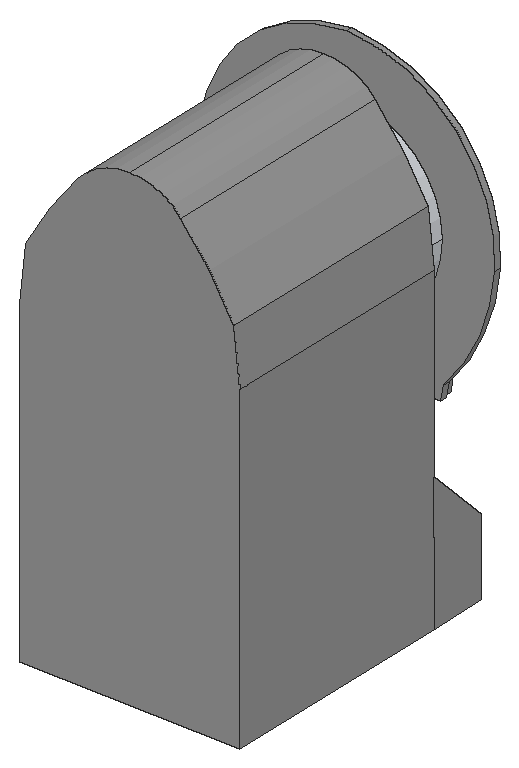
Revit family "Bariatric_Toilet-Willoughby-BETWS-1490-FM-FA-BS", category Plumbing Fixtures, Revit 2015
Parameters (values of type "Standard")
  Waste DIA = 2 3/8"
  Waste Connection = yes
  Vent Connection = no
  URL = "https://www.willoughby-ind.com/wp-content/uploads/2018/01/BETWS-1490-FM-FA.pdf"
  Type Comments = ""
  Revision = "A"
  Model = "BETWS-1490-FM-FA-BS"
  Manufacturer = "Willoughby Industries"
  HW Connection = no
  Flush Inlet DIA = 1 1/2"
  Flush Inlet Connection = yes
  Fixture Body = Stainless Steel AISI 304-Willoughby
  Description = "Front Access, Wall Outlet, Siphon Jet Bariatric Toilet, Back Spud"
  Default Elevation = 0' - 0"
  Contact = "(800) 428-4065"
  CW Connection = no
Reference planes (in)
  plane 1 "Center (Front/Back)Floor": y = 0
  plane 2: z = 0
  plane 3 "Center (Left/Right)": x = 0
  plane 4 "Toilet Base HGT": y = 15.75
  plane 5 "Top Of Unit": y = 19.625
  plane 6: x = 7.125
  plane 7: x = -7.125
  plane 8: z = 20.875
  plane 9: z = 31
  plane 10: z = 31.5
  plane 11: z = 24.75
  plane 12: z = 29.375
  plane 13: x = 2
  plane 14: x = -2
  plane 15: z = 9
  plane 16: z = 5
  plane 17: z = 21.5
  plane 18: z = 27.6875
  plane 19: z = 13.125
  plane 20: x = 9.625
  plane 21: x = -9.625
  plane 22 "Waste HGT": y = 6.25
  plane 23: y = 16.5
Forms (in)
  Extrusion 1, solid, material "Stainless Steel AISI 304-Willoughby" <- "Fixture Body"
    sketch origin (0, 0, 0) x (1, 0, 0) y (0, 0, 1)
      loop
        line (7.125, 0) -> (7.125, 20.875)
        arc (7.125, 20.875) -> (7.03428, 22.67805) -> (6.76304, 24.46289) r 17.96324
        arc (6.76304, 24.46289) -> (5.19007, 27.08) -> (3.33041, 29.50181) r 26.87644
        arc (3.33041, 29.50181) -> (1.83129, 30.62012) -> (0, 31) r 4.32008
        arc (0, 31) -> (-1.83129, 30.62012) -> (-3.33041, 29.50181) r 4.32008
        arc (-3.33041, 29.50181) -> (-5.19007, 27.08) -> (-6.76304, 24.46289) r 26.87644
        arc (-6.76304, 24.46289) -> (-7.03428, 22.67805) -> (-7.125, 20.875) r 17.96324
        line (-7.125, 20.875) -> (-7.125, 0) -> (7.125, 0)
    from 0 to -15.75
  Extrusion 2, solid, material "Stainless Steel AISI 304-Willoughby" <- "Fixture Body"
    sketch origin (0, 0, 0) x (0, 1, 0) y (0, 0, 1)
      loop
        line (15.75, 8.875) -> (15.75, 0) -> (19.625, 0) -> (19.625, 5) -> (15.75, 8.875)
    from -7.125 to 7.125
  Extrusion 3, solid
    sketch origin (0, 15.75, 0) x (-1, 0, 0) y (0, 0, 1)
      loop
        circle (0, 21.5) r 6.1875
    from 0 to 1.875
  Extrusion 4, solid, material "Stainless Steel AISI 304-Willoughby" <- "Fixture Body"
    sketch origin (0, 15.75, 0) x (-1, 0, 0) y (0, 0, 1)
      loop
        line (-4.75, 12.125) -> (-4.75, 12.625) -> (4.75, 12.625) -> (4.75, 12.125) -> (6.125, 12.125) -> (6.30133, 13.125)
        arc (6.30133, 13.125) -> (8.61843, 16.71898) -> (9.625, 20.875) r 12.82342
        arc (9.625, 20.875) -> (7.07791, 28.23969) -> (0, 31.5) r 9.93325
        arc (0, 31.5) -> (-7.07791, 28.23969) -> (-9.625, 20.875) r 9.93325
        arc (-9.625, 20.875) -> (-8.61843, 16.71898) -> (-6.30133, 13.125) r 12.82342
        line (-6.30133, 13.125) -> (-6.125, 12.125) -> (-4.75, 12.125)
    from 1.875 to 2.25
  Blend 5, solid, material "Stainless Steel AISI 304-Willoughby" <- "Fixture Body"
    base sketch origin (0, 15.75, 0) x (-1, 0, 0) y (0, 0, 1)
      loop
        line (-4.60785, 12.15929) -> (-4.60785, 12.40929) -> (4.64215, 12.40929) -> (4.64215, 12.15929) -> (5.98395, 12.15929) -> (6.22068, 14.59691)
        arc (6.22068, 14.59691) -> (8.11105, 18.09183) -> (8.6336, 22.03074) r 10.97859
        arc (8.6336, 22.03074) -> (5.98369, 28.04088) -> (0, 30.75) r 9.19603
        arc (0, 30.75) -> (-5.98369, 28.04088) -> (-8.6336, 22.03074) r 9.19603
        arc (-8.6336, 22.03074) -> (-8.11105, 18.09183) -> (-6.22068, 14.59691) r 10.97859
        line (-6.22068, 14.59691) -> (-5.98395, 12.15929) -> (-4.60785, 12.15929)
    top sketch origin (0, 15.75, 0) x (-1, 0, 0) y (0, 0, 1)
      loop
        arc (6.22944, 13.99176) -> (8.35674, 17.14799) -> (9.12911, 20.875) r 9.85348
        arc (9.12911, 20.875) -> (6.86364, 28.01045) -> (0, 31) r 9.05259
        arc (0, 31) -> (-6.86364, 28.01045) -> (-9.12911, 20.875) r 9.05259
        arc (-9.12911, 20.875) -> (-8.34629, 17.12327) -> (-6.19132, 13.954) r 9.85348
        line (-6.19132, 13.954) -> (-6.01467, 12.135) -> (-4.5826, 12.135) -> (-4.5826, 12.385) -> (4.63006, 12.385) -> (4.63006, 12.125) -> (5.99156, 12.125) -> (6.22944, 13.99176)
    from 2.875 to 2.25
  Revolve 6, solid
    sketch origin (0, 6.25, 0) x (0, 0, -1) y (-1, 0, 0)
      loop
        line (0, 0) -> (0, 1.1875) -> (-2.25, 1.1875) -> (-2.25, 0) -> (0, 0)
      axis (-2.25, 0) -> (0, 0)
    angle from 0 to 360
  Revolve 7, solid, material "Stainless Steel AISI 304-Willoughby" <- "Fixture Body"
    sketch origin (0, 0, 0) x (0, 1, 0) y (0, 0, 1)
      loop
        line (16.5, 0) -> (16.5, 2.25) -> (15.75, 2.25) -> (15.75, 0) -> (16.5, 0)
      axis (16.5, 2.25) -> (16.5, 0)
    angle from 0 to 360
Lines and regions (in)
  symbolic lines
    curve 1: line (0, 15.75, 8.875) -> (0, 15.75, 31)
    curve 2: line (0, 15.75, 31) -> (0, 0, 31)
    curve 3: line (0, 0, 31) -> (0, 0, 0)
    curve 4: line (0, 0, 0) -> (0, 15.75, 0)
    curve 11: line (0, 18, 12.125) -> (0, 17.625, 12.125)
    curve 16: line (0, 15.75, 8.875) -> (0, 19.625, 5)
    curve 17: line (0, 19.625, 5) -> (0, 19.625, 0)
    curve 18: line (0, 19.625, 0) -> (0, 15.75, 0)
    curve 19: line (7.125, 19.625, -0.25) -> (7.125, 19.625, 14.12365)
    curve 20: arc (7.125, 19.625, 14.12365) -> (8.85852, 19.625, 17.32028) -> (9.625, 19.625, 20.875) r 12.82342
    curve 21: arc (9.625, 19.625, 20.875) -> (9.10381, 19.625, 24.81755) -> (7.07791, 19.625, 28.23969) r 9.93325
    curve 22: arc (7.07791, 19.625, 28.23969) -> (3.87202, 19.625, 30.5929) -> (0, 19.625, 31.5) r 9.93325
    curve 23: arc (0, 19.625, 31.5) -> (-3.87202, 19.625, 30.5929) -> (-7.07791, 19.625, 28.23969) r 9.93325
    curve 24: arc (-7.07791, 19.625, 28.23969) -> (-9.10381, 19.625, 24.81755) -> (-9.625, 19.625, 20.875) r 9.93325
    curve 25: arc (-9.625, 19.625, 20.875) -> (-8.85852, 19.625, 17.32028) -> (-7.125, 19.625, 14.12365) r 12.82342
    curve 26: line (-7.125, 19.625, 14.12365) -> (-7.125, 19.625, 0)
    curve 27: line (-7.125, 19.625, 0) -> (7.125, 19.625, 0)
    curve 51: line (7.125, 19.625, 0) -> (-7.125, 19.625, 0)
    curve 52: line (-7.125, 19.625, 0) -> (-7.125, 0, 0)
    curve 53: line (-7.125, 0, 0) -> (7.125, 0, 0)
    curve 54: line (7.125, 0, 0) -> (7.125, 19.625, 0)
    curve 55: line (-6.76304, 15.75, 0) -> (-6.76304, 0, 0)
    curve 56: line (-7.125, 15.75, 0) -> (7.125, 15.75, 0)
    curve 57: line (6.1875, 17.625, 0) -> (6.1875, 15.75, 0)
    curve 58: line (-6.17726, 15.75, 0) -> (-6.17726, 17.625, 0)
    curve 59: line (-6.17726, 17.625, 0) -> (6.1875, 17.625, 0)
    curve 69: line (6.76304, 15.75, 0) -> (6.76304, 0, 0)
  symbolic lines, detail levels medium+fine
    curve 5: line (0, 15.75, 15.375) -> (0, 17.625, 15.375)
    curve 6: line (0, 17.625, 15.375) -> (0, 17.625, 27.6875)
    curve 7: line (0, 17.625, 27.6875) -> (0, 15.75, 27.6875)
    curve 8: line (0, 17.625, 27.6875) -> (0, 17.625, 31.5)
    curve 9: line (0, 17.625, 31.5) -> (0, 18, 31.5)
    curve 10: line (0, 18, 31.5) -> (0, 18, 12.125)
    curve 12: line (0, 17.625, 12.125) -> (0, 17.625, 15.375)
    curve 13: line (0, 18, 12.125) -> (0, 18.625, 12.15929)
    curve 14: line (0, 18.625, 12.15929) -> (0, 18.625, 30.75)
    curve 15: line (0, 18.625, 30.75) -> (0, 18, 31)
    curve 28: line (-7.125, 19.625, 5) -> (7.125, 19.625, 5)
    curve 29: line (-7.125, 19.625, 8.875) -> (7.125, 19.625, 8.875)
    curve 30: line (-7.125, 19.625, 14.12365) -> (-6.30133, 19.625, 13.125)
    curve 31: line (-6.30133, 19.625, 13.125) -> (-6.125, 19.625, 12.125)
    curve 32: line (-6.125, 19.625, 12.125) -> (-4.75, 19.625, 12.125)
    curve 33: line (-4.75, 19.625, 12.125) -> (-4.75, 19.625, 12.625)
    curve 34: line (-4.75, 19.625, 12.625) -> (4.75, 19.625, 12.625)
    curve 35: line (4.75, 19.625, 12.625) -> (4.75, 19.625, 12.125)
    curve 36: line (4.75, 19.625, 12.125) -> (6.125, 19.625, 12.125)
    curve 37: line (6.125, 19.625, 12.125) -> (6.30133, 19.625, 13.125)
    curve 38: arc (6.30133, 19.625, 13.125) -> (6.72577, 19.625, 13.61393) -> (7.125, 19.625, 14.12365) r 12.82342
    curve 50: line (0, 17.625, 12.125) -> (0, 18, 12.125)
    curve 60: line (-6.17726, 17.625, 0) -> (-9.6494, 17.625, 0)
    curve 61: line (-9.6494, 17.625, 0) -> (-9.6494, 18, 0)
    curve 62: line (-9.6494, 18, 0) -> (-9.12911, 18, 0)
    curve 63: line (-9.12911, 18, 0) -> (-8.6336, 18.625, 0)
    curve 64: line (-8.6336, 18.625, 0) -> (8.64736, 18.625, 0)
    curve 65: line (8.64736, 18.625, 0) -> (9.14287, 18, 0)
    curve 66: line (9.14287, 18, 0) -> (9.6494, 18, 0)
    curve 67: line (9.6494, 18, 0) -> (9.6494, 17.625, 0)
    curve 68: line (6.1875, 17.625, 0) -> (9.6494, 17.625, 0)
  symbolic lines, detail levels fine
    curve 39: line (-6.22068, 19.625, 14.59691) -> (-5.98395, 19.625, 12.15929)
    curve 40: line (-5.98395, 19.625, 12.15929) -> (-4.64215, 19.625, 12.15929)
    curve 41: line (-4.64215, 19.625, 12.15929) -> (-4.64215, 19.625, 12.385)
    curve 42: line (-4.64215, 19.625, 12.385) -> (4.60785, 19.625, 12.385)
    curve 43: line (4.60785, 19.625, 12.385) -> (4.60785, 19.625, 12.15929)
    curve 44: line (4.60785, 19.625, 12.15929) -> (5.98395, 19.625, 12.15929)
    curve 45: line (5.98395, 19.625, 12.15929) -> (6.22068, 19.625, 14.59691)
    curve 46: arc (6.22068, 19.625, 14.59691) -> (7.91817, 19.625, 17.54689) -> (8.63061, 19.625, 20.875) r 10.97859
    curve 47: arc (8.63061, 19.625, 20.875) -> (6.37958, 19.625, 27.61664) -> (0, 19.625, 30.75) r 9.21317
    curve 48: arc (0, 19.625, 30.75) -> (-6.36999, 19.625, 27.60827) -> (-8.63061, 19.625, 20.875) r 9.24339
    curve 49: arc (-8.63061, 19.625, 20.875) -> (-7.89379, 19.625, 17.55625) -> (-6.22068, 19.625, 14.59691) r 11.52349
Dimensions and locks (in)
  plane 9 to level = 2' - 7"
  plane 1 "Center (Front/Back)Floor" to plane 4 "Toilet Base HGT" = 1' - 3 3/4"
  plane 1 "Center (Front/Back)Floor" to plane 5 "Top Of Unit" = 1' - 7 5/8"
  plane 7 to plane 6 = 1' - 2 1/4"
  plane 10 to level = 2' - 7 1/2"
  plane 4 "Toilet Base HGT" to plane 1 "Center (Front/Back)Floor" = 1' - 3 3/4"
  aligned and locked: Extrusion 1 to plane 7
  aligned and locked: Extrusion 1 to level
  aligned and locked: Extrusion 2 to plane 4 "Toilet Base HGT"
  aligned and locked: plane 5 "Top Of Unit" to Extrusion 2
  aligned and locked: Extrusion 2 to level
  aligned and locked: Revolve 6 sketch curve to Revolve 6 sketch curve  (x2)
  aligned and locked: plane 6 to Extrusion 2
  aligned and locked: Extrusion 2 to plane 7
  aligned and locked: curve 56 to curve 69
  aligned and locked: curve 69 to Extrusion 1
  aligned and locked: Revolve 7 sketch curve to Revolve 7 sketch curve  (x2)
Connectors (in)
  piping at (0, 6.25, 0), diameter 2.375, driven by "Waste DIA", driven by "Waste Connection"
    settings: on Revolve 6, index 1, connector inside diameter 24", connector length 0' - 0", flow factor 0, pipe flow 0 GPM, pressure drop 0.00 psi, fitting loss kfactor 0, connector angle 0.00°, fixture units 0, engagement length 0' - 0", angle of deflection 0.00°, flow configuration 0, flow direction 2, fitting loss method 0, system type 16, joint type 0, gender type 0, connector reference index -1, connector utility 1, adjustable connector no, is connector primary yes, connector description "Toilet Waste"
  piping at (0, 16.5, 0), diameter 1.5, driven by "Flush Inlet DIA", driven by "Flush Inlet Connection"
    settings: on Revolve 7, index 2, connector inside diameter 24", connector length 0' - 0", flow factor 0, pipe flow 0 GPM, pressure drop 0.00 psi, fitting loss kfactor 0, connector angle 0.00°, fixture units 0, engagement length 0' - 0", angle of deflection 0.00°, flow configuration 0, flow direction 0, fitting loss method 0, system type 7, joint type 0, gender type 0, connector reference index -1, connector utility 1, adjustable connector no, is connector primary no, connector description ""
